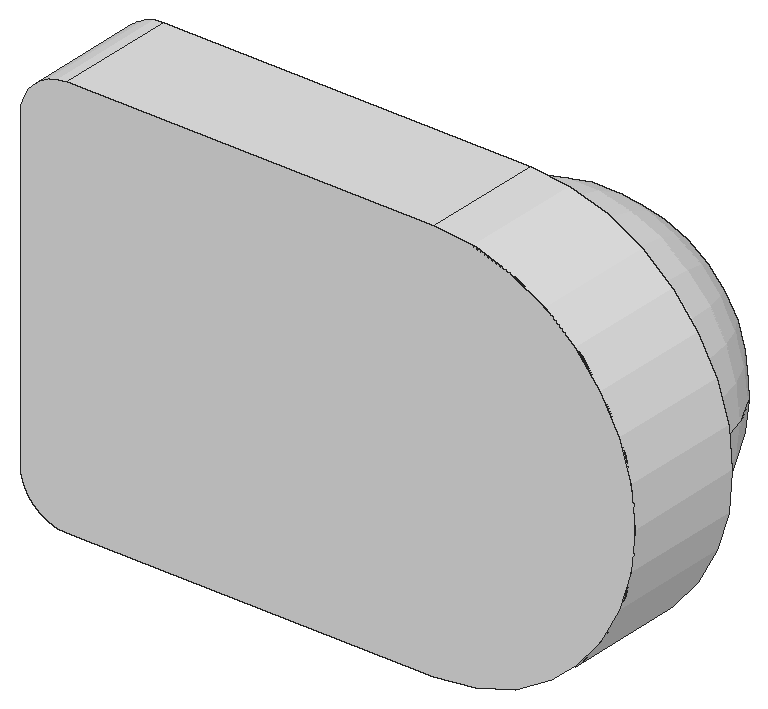
Revit family "252500.01 OSID mottaker 7 grader Vegg", category Fire Alarm Devices, Revit 2016
Family settings
  Maintain Annotation Orientation = No
  Part Type = Normal
  Round Connector Dimension = Use Diameter
  OmniClass Number = 23.85.30.21.11.11.11
  OmniClass Title = Smoke Detectors
  Work Plane-Based = No
  Always vertical = Yes
  Cut with Voids When Loaded = No
  Shared = No
  Room Calculation Point = No
Parameters (values of type "Linjedetektor mottaker")
  Type Comments = "-RY"
  R = CQ Width / 2  # 65 mm
  NVMottaker = yes
  NS8360 = "5423_XN3"
  Manufacturer = "Honeywell"
  Keynote = "XN3"
  H1 = R - 10 mm  # 55 mm
  CQ Høyre = no
  CQFontSymboler = "w"
  CQ Venstre = not(CQ Høyre)  # yes
  CQ Type tekst synlig = yes
  CQ Type = "LD"
  CQ Montering tekst synlig [instance] = no
  CQ Montering [instance] = "HIM"
  CQ Material = Plastic - White
  CQ Width = 130 mm
  CQ Height = 94 mm
  CQ Length = 198 mm
  CQ Coverage Circle Radius = 70000 mm
  CQ Symbol Positive Direction [instance] = yes
  CQ Symbol Offset Side [instance] = 0 mm
  CQ Symbol Offset Out [instance] = 0 mm
  CQ Coverage Circle = no
  CQ 3D Synlig = not(CQ 2D Synlig)  # no
  CQ 2D Synlig = yes
  Assembly Code = "5423"
Reference planes
  plane 1 "Center (Front/Back)": y = 0
  plane 2: z = 0
  plane 3 "Center (Left/Right)": x = 0
  plane 4 "høyre": x = 99
  plane 5 "Venstre": x = -99
  plane 6: x = 89
  plane 7: x = 34
  plane 8: y = 39
  plane 9: z = 65
  plane 10: z = -65
  plane 11: y = 94
Forms (mm)
  Extrusion 1, solid, material "Plastic - White" <- "CQ Material"
    sketch origin (0, 0, 0) x (1, 0, 0) y (0, 0, 1)
      loop
        arc (-84, 65) -> (-94.607, 60.607) -> (-99, 50) r 15
        line (-99, 50) -> (-99, -50)
        arc (-99, -50) -> (-94.607, -60.607) -> (-84, -65) r 15
        line (-84, -65) -> (34, -65)
        arc (34, -65) -> (99, 0) -> (34, 65) r 65
        line (34, 65) -> (-84, 65)
    from 0 to -39
  Revolve 2, solid, material "Plastic - White" <- "CQ Material"
    sketch origin (0, 0, 0) x (1, 0, 0) y (0, 1, 0)
      loop
        line (34, 94) -> (34, 39) -> (89, 39)
        arc (89, 39) -> (72.891, 77.891) -> (34, 94) r 55
      axis (34, 94) -> (34, 39)
    angle from 0 to 360
Cuts and joins
  joined: Extrusion 1, Revolve 2
Lines and regions (mm)
  model lines, style "InvisibleLines"
    curve 1: line (0, 0, 0) -> (0, 0, 5)
    curve 2: line (0, 0, 0) -> (0, -5, 0)
Dimensions and locks
  equal spacing: plane 5 "Venstre", plane 3 "Center (Left/Right)", plane 4 "høyre"  (x2)
  "CQ Length": plane 5 "Venstre" to plane 4 "høyre"
  "H1": plane 6 to plane 7
  locked: plane 6 to plane 4 "høyre" at 10
  equal spacing: plane 10, level, plane 9
  "CQ Width": plane 10 to plane 9
  "H1": plane 8 to plane 11
  "CQ Height": plane 1 "Center (Front/Back)" to plane 11
  "R": radius of Extrusion 1 sketch curve
  radius of Extrusion 1 sketch curve = 15 mm  (x2)
  aligned and locked: level to plane 2
  aligned and locked: nested 1 to plane 3 "Center (Left/Right)"
  aligned and locked: nested 1 to plane 1 "Center (Front/Back)"
  aligned and locked: level to curve 1
  aligned and locked: plane 3 "Center (Left/Right)" to curve 1
  aligned and locked: plane 5 "Venstre" to Extrusion 1 sketch curve
  aligned and locked: plane 9 to Extrusion 1 sketch curve
  aligned and locked: Extrusion 1 sketch curve to plane 10
  aligned and locked: plane 8 to Extrusion 1
  aligned and locked: Revolve 2 sketch curve to plane 7
  aligned and locked: Revolve 2 sketch curve to plane 8
  aligned and locked: plane 7 to Extrusion 1 sketch curve
  aligned and locked: nested 1 to nested 2
  aligned and locked: plane 1 "Center (Front/Back)" to nested 2
Automatic sketch dimensions
  level to curve 1 = 5 mm
  plane 1 "Center (Front/Back)" to curve 2 = 0 mm
  curve 2 to plane 3 "Center (Left/Right)" = 0 mm
  plane 1 "Center (Front/Back)" to curve 2 = 5 mm
  Revolve 2 sketch curve to plane 7 = 0 mm
  Revolve 2 sketch curve to plane 6 = 0 mm
  plane 11 to Revolve 2 sketch curve = 115 mm
  Revolve 2 sketch curve to Revolve 2 sketch curve = 35 mm
Nested families
  nested 1: "Coverage Circle" at (0, 0, 0), visible <- "CQ Coverage Circle", type "Type 1"
  nested 2: "Linjedetektor Symbol" at (0, 0, 0), type "Type 1"
Connectors
  electrical at (0, 0, 0)
    settings: index 1, voltage 0 V, apparent load 0 VA, apparent load phase1 0 VA, apparent load phase2 0 VA, apparent load phase3 0 VA, power factor 1, load classification "Other", number of poles 1, system type 11, power factor state 1, is connector primary yes, connector utility no, sub classification motor no, connector description ""
Definition of nested family "Coverage Circle"
  Parameters
    Radius = 3250 mm
  Reference planes
    plane 1 "Center (Front/Back)": y = 0
    plane 2: z = 0
    plane 3 "Center (Left/Right)": x = 0
  Lines and regions (mm)
    detail lines, in view "Ref. Level"
      curve 1: circle (0, 0, 0) r 3250 normal (0, 0, 1)
  Dimensions and locks
    "Radius": radius of curve 1
    aligned and locked: plane 1 "Center (Front/Back)" to curve 1
    aligned and locked: plane 3 "Center (Left/Right)" to curve 1
Definition of nested family "Linjedetektor Symbol"
  Parameters (values of type "Type 1")
    Type tekst synlig = yes
    Type = "LD"
    Sender = not(Mottaker)  # no
    Mottaker = yes
    Montering tekst synlig = no
    Montering = "HIM"
    CQ Symbol Positive Direction = yes
    CQ Symbol Negative Direction = not(CQ Symbol Positive Direction)  # no
    CQ Symbol Offset Side = 0 mm
    CQ Symbol Offset Out = 0 mm
  Reference planes
    plane 1: y = 0
    plane 2: x = 0
  Dimensions and locks
    "CQ Symbol Offset Side": nested 2 to plane 2
    "CQ Symbol Offset Side": plane 2 to nested 1
    "CQ Symbol Offset Out": plane 1 to nested 1
    "CQ Symbol Offset Out": plane 1 to nested 2
  Nested families
    nested 1: "Linjedetektor Sub" at (0, 0, 0), visible <- "CQ Symbol Positive Direction", type "Type1"
    nested 2: "Linjedetektor Sub" at (0, 0, 0), visible <- "CQ Symbol Negative Direction", type "Type1"
  Definition of nested family "Linjedetektor Sub"
    Parameters (values of type "Type1")
      Type tekst synlig = yes
      Type = "LD"
      Sender = yes
      Mottaker = yes
      Montering tekst synlig = no
      Montering = "HIM"
    Reference planes
      plane 1: y = 0
      plane 2: x = 0
    Lines and regions (mm)
      detail lines
        curve 1: line (-2.5, -2.5, 0) -> (2.5, -2.5, 0)
        curve 2: line (2.5, -2.5, 0) -> (2.5, 2.5, 0)
        curve 3: line (2.5, 2.5, 0) -> (-2.5, 2.5, 0)
        curve 4: line (-2.5, 2.5, 0) -> (-2.5, -2.5, 0)
        curve 5: circle (-1.25, -1.5, 0) r 0.25 normal (0, 0, 1)
        curve 6: line (-1.25, -0.75, 0) -> (-1, 1.5, 0)
        curve 7: arc (-1, 1.5, 0) -> (-1.25, 1.75, 0) -> (-1.5, 1.5, 0) r 0.25
        curve 8: line (-1.5, 1.5, 0) -> (-1.25, -0.75, 0)
        curve 9: line (-1.25, 0.5, 0) -> (-1.25, 1.5, 0)
        curve 13: line (1.25, -0.83, 0) -> (2, 0.469, 0)
        curve 14: line (1.25, -0.83, 0) -> (0.5, 0.469, 0)
        curve 15: arc (0.189, 0.231, 0) -> (1.25, 0.67, 0) -> (2.311, 0.231, 0) r 1.5
      detail lines, visible <- "Type tekst synlig"
        curve 10: line (-2.5, -4.5, 0) -> (2.5, -4.5, 0)
        curve 11: line (-2.5, -4.5, 0) -> (-2.5, -2.5, 0)
        curve 12: line (2.5, -4.5, 0) -> (2.5, -2.5, 0)
      detail lines, visible <- "Sender"
        curve 16: line (0.198, 1.5, 0) -> (2.298, 1.5, 0)
        curve 17: line (2.298, 1.5, 0) -> (1.396, 2.021, 0)
        curve 18: line (2.298, 1.5, 0) -> (1.396, 0.979, 0)
      detail lines, visible <- "Mottaker"
        curve 19: line (2.298, -1.5, 0) -> (0.198, -1.5, 0)
        curve 20: line (0.198, -1.5, 0) -> (1.101, -2.021, 0)
        curve 21: line (0.198, -1.5, 0) -> (1.101, -0.979, 0)
    Nested families
      nested 1: "txt 1_50" at (3.379, 2.424, 0), visible <- "Montering tekst synlig", Type Name <- "Montering", type "txt"
      nested 2: "txt 1_50" at (-1.901, -3.637, 0), visible <- "Type tekst synlig", Type Name <- "Type", type "txt"
        with Type Name "LD"
    Definition of nested family "txt 1_50"
      Parameters (values of type "txt")
        Type Name [instance] = "HIM"
      Reference planes
        plane 1: y = 0
        plane 2: x = 0
      Text (mm)
        label "TXT" at (1.952, 0, 0), shows "Type Name"
